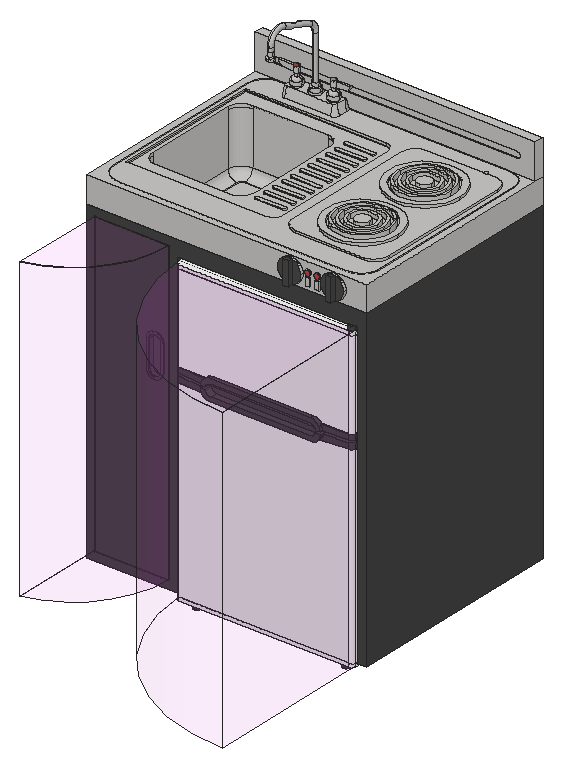
Revit family "QF_Summit_C30ELBK_Kitchenette", category Specialty Equipment, Revit 2020 (continued)
Automatic sketch dimensions
  Extrusion 3 sketch curve to plane 5 "FRONT" = 3/4"
  plane 21 to Extrusion 3 sketch curve = 0.70731"
  Extrusion 3 sketch curve to Extrusion 3 sketch curve = 1"  (x2)
  plane 3 "LEFT" to Extrusion 3 sketch curve = 2 3/4"  (x2)
  plane 3 "LEFT" to Extrusion 3 sketch curve = 1.20523"
  plane 3 "LEFT" to Extrusion 3 sketch curve = 3/4"
  Extrusion 3 sketch curve to Extrusion 3 sketch curve = 0.79111"
  Extrusion 3 sketch curve to plane 5 "FRONT" = 4.83389"
  plane 7 "Center Y" to Extrusion 4 sketch curve = 1.27658"  (x2)
  Extrusion 4 sketch curve to Extrusion 4 sketch curve = 0"  (x19)
  plane 8 "Center X" to Extrusion 4 sketch curve = 0.12506"
  Extrusion 4 sketch curve to plane 7 "Center Y" = 1.58086"
  Extrusion 4 sketch curve to Extrusion 4 sketch curve = 0.21452"  (x11)
  Extrusion 4 sketch curve to Extrusion 4 sketch curve = 0.69597"  (x2)
  Extrusion 4 sketch curve to Extrusion 4 sketch curve = 0.75847"  (x5)
  Extrusion 4 sketch curve to Extrusion 4 sketch curve = 0.82097"  (x2)
  Extrusion 4 sketch curve to plane 8 "Center X" = 0.69591"
  Extrusion 5 sketch curve to plane 13 = 0.4858"
  Extrusion 5 sketch curve to plane 22 = 1.06539"  (x2)
  Extrusion 5 sketch curve to plane 21 = 1.96893"  (x2)
  Extrusion 5 sketch curve to plane 21 = 0.46893"
  Extrusion 5 sketch curve to plane 16 = 1.8393"
  Extrusion 5 sketch curve to plane 5 "FRONT" = 4.71785"
  Extrusion 6 sketch curve to Extrusion 6 sketch curve = 0"  (x4)
  Extrusion 6 sketch curve to Extrusion 5 = 5.10818"  (x2)
  Extrusion 6 sketch curve to Extrusion 5 = 4.8261"
  Extrusion 6 sketch curve to Extrusion 5 = 4.44755"
  plane 1 "BACK" to Extrusion 7 sketch curve = 0"
  Extrusion 7 sketch curve to plane 4 "RIGHT" = 0"
  Extrusion 7 sketch curve to plane 3 "LEFT" = 0"
  Extrusion 7 sketch curve to plane 16 = 0"
  plane 3 "LEFT" to Sweep 8 sketch curve = 1.73357"
  Sweep 8 sketch curve to Sweep 8 sketch curve = 1 1/2"  (x3)
  plane 12 to Sweep 8 sketch curve = 1.48357"  (x2)
  Sweep 8 sketch curve to plane 5 "FRONT" = 5 1/4"
  plane 8 "Center X" to Sweep 8 sketch curve = 4 15/16"
  Sweep 8 sketch curve to Sweep 8 sketch curve = 0"  (x2)
  Sweep 8 sketch curve to profile plane = 0"
  profile plane to Sweep 8 sketch curve = 1"
  Sweep 8 sketch curve to profile plane = 1/16"
  level to Sweep 8 sketch curve = 30 1/2"
  Sweep 8 sketch curve to Sweep 8 sketch curve = 5 11/16"
  Extrusion 9 sketch curve to Extrusion 7 = 1.90943"
  Extrusion 7 to Extrusion 9 sketch curve = 1.90943"
  Extrusion 7 to Extrusion 9 sketch curve = 1.54423"
  Extrusion 9 sketch curve to Extrusion 9 sketch curve = 3/8"
  Extrusion 10 sketch curve to plane 4 "RIGHT" = 0"
  plane 5 "FRONT" to Extrusion 10 sketch curve = 0"  (x2)
  Extrusion 10 sketch curve to plane 13 = 0"
  Extrusion 10 sketch curve to plane 3 "LEFT" = 0"
  plane 1 "BACK" to Extrusion 10 sketch curve = 0"
  Extrusion 10 sketch curve to Extrusion 10 sketch curve = 7/8"
  plane 16 to Extrusion 10 sketch curve = 1/8"
  Extrusion 11 sketch curve to Extrusion 10 = 0"  (x3)
  Extrusion 10 to Extrusion 11 sketch curve = 8"
  Extrusion 11 sketch curve to Extrusion 11 sketch curve = 7/8"
  Extrusion 10 to Extrusion 11 sketch curve = 1 3/4"
  Extrusion 11 sketch curve to Extrusion 11 sketch curve = 19 3/8"
  Extrusion 10 to Extrusion 11 sketch curve = 7/8"
  Extrusion 12 sketch curve to Extrusion 10 = 0"  (x2)
  Extrusion 10 to Extrusion 12 sketch curve = 7/8"
  Extrusion 10 to Extrusion 12 sketch curve = 8 7/8"
  Extrusion 10 to Extrusion 13 sketch curve = 15/16"  (x2)
  Extrusion 10 to Extrusion 13 sketch curve = 7 15/16"
  Extrusion 10 to Extrusion 13 sketch curve = 1/16"
  Extrusion 10 to Extrusion 14 sketch curve = 7.17639"
  Extrusion 14 sketch curve to Extrusion 14 sketch curve = 0.66086"
  Extrusion 10 to Extrusion 14 sketch curve = 10.6214"
  Extrusion 14 sketch curve to Extrusion 14 sketch curve = 2.74721"
  Extrusion 15 sketch curve to Extrusion 15 sketch curve = 0"  (x4)
  Extrusion 10 to Extrusion 15 sketch curve = 7.42639"
  Extrusion 15 sketch curve to Extrusion 15 sketch curve = 1/4"
  Extrusion 15 sketch curve to Extrusion 15 sketch curve = 0.66086"
  Extrusion 10 to Extrusion 15 sketch curve = 10.6214"
  Extrusion 15 sketch curve to Extrusion 15 sketch curve = 2.74721"
  Extrusion 5 to Extrusion 16 sketch curve = 0.1004"
  Extrusion 16 sketch curve to Extrusion 5 = 1.06539"
  Extrusion 17 sketch curve to Extrusion 7 = 12.08747"
  Extrusion 17 sketch curve to Extrusion 7 = 33.21044"
  Revolve 18 sketch curve to level = 0"  (x2)
  Revolve 18 sketch curve to plane 11 = 0"
  plane 3 "LEFT" to Revolve 18 sketch curve = 0.60245"
  Revolve 18 sketch curve to Revolve 18 sketch curve = 0.18277"
  Revolve 18 sketch curve to Revolve 18 sketch curve = 0.43124"
  Revolve 18 sketch curve to plane 11 = 0.33258"
  Revolve 18 sketch curve to Revolve 18 sketch curve = 0.41967"
  Revolve 18 sketch curve to Revolve 18 sketch curve = 1/4"
  Revolve 18 sketch curve to Revolve 18 sketch curve = 0"
  Revolve 18 sketch curve to Revolve 18 sketch curve = 0.28903"
  Extrusion 19 sketch curve to Extrusion 13 = 0"
  Extrusion 13 to Extrusion 19 sketch curve = 0.0988"
  Extrusion 13 to Extrusion 19 sketch curve = 1/16"
  Extrusion 13 to Extrusion 19 sketch curve = 10"
  Extrusion 19 sketch curve to Extrusion 13 = 1/16"
  Extrusion 20 sketch curve to Extrusion 3 = 0"  (x2)
  Extrusion 20 sketch curve to Extrusion 3 = 0.6108"
  Extrusion 20 sketch curve to Extrusion 3 = 2"
  Extrusion 20 sketch curve to Extrusion 20 sketch curve = 1 1/2"
  Extrusion 20 sketch curve to Extrusion 20 sketch curve = 0.1108"
  Extrusion 20 sketch curve to Extrusion 3 = 0.61604"
  Extrusion 20 sketch curve to Extrusion 3 = 2.67624"  (x2)
  Extrusion 3 to Extrusion 20 sketch curve = 0.54819"
  Extrusion 3 to Extrusion 20 sketch curve = 0.88396"
  Extrusion 3 to Extrusion 20 sketch curve = 1"
  Extrusion 20 sketch curve to Extrusion 3 = 1.08389"
  Extrusion 1 to Extrusion 22 sketch curve = 1 3/8"  (x2)
  Extrusion 22 sketch curve to Extrusion 1 = 3.45677"
  Extrusion 22 sketch curve to Extrusion 22 sketch curve = 4 9/16"
  Extrusion 23 sketch curve to Extrusion 23 sketch curve = 9/32"  (x2)
  Extrusion 23 sketch curve to Extrusion 23 sketch curve = 9/16"  (x2)
  Extrusion 1 to Extrusion 24 sketch curve = 0.40522"  (x2)
  Extrusion 24 sketch curve to Extrusion 1 = 5.03188"
  Extrusion 24 sketch curve to Extrusion 24 sketch curve = 0.41266"  (x2)
  Extrusion 24 sketch curve to Extrusion 24 sketch curve = 0.58697"
  Extrusion 24 sketch curve to Extrusion 24 sketch curve = 0.81887"
  Extrusion 24 sketch curve to Extrusion 24 sketch curve = 0"
  Extrusion 1 to Extrusion 25 sketch curve = 1.04154"
  Extrusion 25 sketch curve to Extrusion 1 = 5.23821"
  Extrusion 25 sketch curve to Extrusion 25 sketch curve = 0.99963"
  Extrusion 25 sketch curve to Extrusion 25 sketch curve = 0"
  plane 3 "LEFT" to Extrusion 26 sketch curve = 3.23357"  (x2)
  Extrusion 26 sketch curve to plane 16 = 5 3/8"
  Extrusion 26 sketch curve to Extrusion 26 sketch curve = 1/2"  (x2)
  Extrusion 26 sketch curve to plane 8 "Center X" = 1/16"
  plane 12 to Extrusion 26 sketch curve = 1.98357"
  Extrusion 26 sketch curve to plane 8 "Center X" = 5 1/16"  (x2)
  Extrusion 26 sketch curve to plane 12 = 2.51643"
  Revolve 27 sketch curve to level = 0"  (x2)
  Revolve 27 sketch curve to plane 11 = 0"
  plane 3 "LEFT" to Revolve 27 sketch curve = 0.60245"
  Revolve 27 sketch curve to Revolve 27 sketch curve = 0.18277"
  Revolve 27 sketch curve to Revolve 27 sketch curve = 0.43124"
  Revolve 27 sketch curve to plane 11 = 0.33258"
  Revolve 27 sketch curve to Revolve 27 sketch curve = 0.41967"
  Revolve 27 sketch curve to plane 11 = 1/4"
  Revolve 27 sketch curve to Revolve 27 sketch curve = 0"
  Revolve 27 sketch curve to Revolve 27 sketch curve = 0.28903"
  Revolve 28 sketch curve to level = 0"  (x2)
  Revolve 28 sketch curve to plane 11 = 0"
  Revolve 28 sketch curve to plane 12 = 0.60245"
  Revolve 28 sketch curve to Revolve 28 sketch curve = 0.18277"
  Revolve 28 sketch curve to Revolve 28 sketch curve = 0.43124"
  Revolve 28 sketch curve to plane 11 = 0.33258"
  Revolve 28 sketch curve to Revolve 28 sketch curve = 0.41967"
  Revolve 28 sketch curve to Revolve 28 sketch curve = 0.08258"
  Revolve 28 sketch curve to Revolve 28 sketch curve = 0"
  Revolve 28 sketch curve to level = 0.28903"
  Revolve 29 sketch curve to level = 0"  (x2)
  Revolve 29 sketch curve to plane 11 = 0"
  Revolve 29 sketch curve to plane 12 = 0.60245"
  Revolve 29 sketch curve to Revolve 29 sketch curve = 0.18277"
  Revolve 29 sketch curve to Revolve 29 sketch curve = 0.43124"
  Revolve 29 sketch curve to plane 11 = 0.33258"
  Revolve 29 sketch curve to Revolve 29 sketch curve = 0.41967"
  Revolve 29 sketch curve to Revolve 29 sketch curve = 0.08258"
  Revolve 29 sketch curve to Revolve 29 sketch curve = 0"
  Revolve 29 sketch curve to level = 0.28903"
  Revolve 30 sketch curve to level = 0"  (x2)
  Revolve 30 sketch curve to plane 11 = 0"
  plane 13 to Revolve 30 sketch curve = 0.27255"
  plane 13 to Revolve 30 sketch curve = 0.08978"
  Revolve 30 sketch curve to plane 13 = 0.15869"
  Revolve 30 sketch curve to plane 13 = 0.32989"
  Revolve 30 sketch curve to plane 11 = 1/4"
  Revolve 30 sketch curve to Revolve 30 sketch curve = 0.08258"
  Revolve 30 sketch curve to Revolve 30 sketch curve = 0"
  Revolve 30 sketch curve to level = 0.28903"
  Revolve 31 sketch curve to level = 0"  (x2)
  Revolve 31 sketch curve to plane 11 = 0"
  plane 13 to Revolve 31 sketch curve = 0.27255"  (x2)
  plane 13 to Revolve 31 sketch curve = 0.08978"
  Revolve 31 sketch curve to plane 13 = 0.15869"
  Revolve 31 sketch curve to plane 13 = 0.32989"
  Revolve 31 sketch curve to plane 11 = 1/4"
  Revolve 31 sketch curve to Revolve 31 sketch curve = 0.08258"
  Revolve 31 sketch curve to level = 0.28903"
  radius of Extrusion 6 sketch curve = 3 3/4"  (x2)
  radius of Extrusion 6 sketch curve = 3.14413"  (x2)
  radius of Extrusion 16 sketch curve = 1/8"
  radius of Extrusion 17 sketch curve = 1/8"
  radius of Extrusion 20 sketch curve to Extrusion 3 = 0"  (x3)
  radius of Extrusion 21 sketch curve to Extrusion 6 = 0.3026"  (x2)
  radius of Extrusion 21 sketch curve to Extrusion 6 = 0.49687"  (x2)
  radius of Extrusion 21 sketch curve to Extrusion 6 = 0.89413"  (x2)
  radius of Extrusion 21 sketch curve to Extrusion 6 = 1.14413"  (x2)
  radius of Extrusion 21 sketch curve to Extrusion 6 = 1.56032"  (x2)
  radius of Extrusion 21 sketch curve to Extrusion 6 = 1.79775"  (x2)
  radius of Extrusion 21 sketch curve to Extrusion 6 = 2.39413"  (x2)
  radius of Extrusion 22 sketch curve = 1 1/4"  (x2)
  radius of Extrusion 23 sketch curve to Extrusion 22 = 0"  (x4)
  radius of Extrusion 25 sketch curve = 0.30305"  (x2)
  radius of Extrusion 26 sketch curve = 1"
Nested families (in)
  nested 1: "CG_FISHER_TYPE 4" at (4.23357, -1, 37.75), type "CG_FISHER_TYPE 4"
    with Type Mark "", Specification by User "", Revision Code "", Item Number "", Installed By "", Identify Quantity as Lot yes, Furnished By "", Foodservice Equipment Identifier yes
  nested 2: "Summit_CP34BSS" at (9.97314, -4.125, 0), Left Hinged Door <- "Show LHD", type "Summit_CP34BSS"
    with Right Hinged Door yes, Left Hinged Door no
Connectors (in)
  electrical at (26.07381, -2.5893, 37.82598)
    settings: on Extrusion 16, index 1, voltage 0 V, apparent load 0 VA, apparent load phase1 0 VA, apparent load phase2 0 VA, apparent load phase3 0 VA, power factor 1, load classification "Other", number of poles 1, system type 30, power factor state 1, is connector primary yes, connector utility no, sub classification motor no, connector description "Electrical Connection"
  electrical at (17.91253, 0.25, 4.53956), driven by "Volts", driven by "Watts"
    settings: on Extrusion 17, index 2, voltage 115 V, apparent load 1506.5 VA, apparent load phase1 0 VA, apparent load phase2 0 VA, apparent load phase3 0 VA, power factor 1, load classification "Other", number of poles 1, system type 30, power factor state 1, is connector primary no, connector utility no, sub classification motor no, connector description "Electrical Connection"
Definition of nested family "CG_FISHER_TYPE 4"
  Parameters (values of type "CG_FISHER_TYPE 4")
    Weight = ""
    URL Manufacturer = ""
    URL Cutsheet = ""
    URL = ""
    Type Mark [instance] = ""
    Specification by User [instance] = ""
    Specification by Manufacturer = ""
    Serial Number = ""
    Seismic Rating = ""
    SMACNA No = ""
    Revision Code [instance] = ""
    Omniclass Number and Title = ""
    NAFEM Spec ID Number = ""
    Model = ""
    MasterSpec. = ""
    Manufacturer = ""
    Item Number [instance] = ""
    Installed By [instance] = ""
    Identify Quantity as Lot [instance] = yes
    Furnished By [instance] = ""
    Foodservice Equipment Identifier [instance] = yes
    Default Elevation = 0"
    CSI MasterFormat = ""
    CSI Master Format = ""
  Reference planes (in)
    plane 1 "BACK": y = 0
    plane 2: z = 0
    plane 3 "LEFT": x = 0
    plane 4 "RIGHT": x = 6
    plane 5 "FRONT": y = -2
    plane 6 "TOP": z = 9.5
    plane 7: x = 3
    plane 8: x = 1
    plane 9: x = 5
    plane 10: z = 6.75
    plane 11: y = -1
    plane 12: y = -7
  Forms (in)
    Blend 1, solid
      base sketch origin (0, 0, 0) x (1, 0, 0) y (0, 1, 0)
        loop
          arc (0.5, 0) -> (0.14645, -0.14645) -> (0, -0.5) r 0.5
          line (0, -0.5) -> (0, -1.5)
          arc (0, -1.5) -> (0.14645, -1.85355) -> (0.5, -2) r 0.5
          line (0.5, -2) -> (5.5, -2)
          arc (5.5, -2) -> (5.85355, -1.85355) -> (6, -1.5) r 0.5
          line (6, -1.5) -> (6, -0.5)
          arc (6, -0.5) -> (5.85355, -0.14645) -> (5.5, 0) r 0.5
          line (5.5, 0) -> (0.5, 0)
      top sketch origin (0, 0, 0) x (1, 0, 0) y (0, 1, 0)
        loop
          line (5.5, -0.25) -> (0.5, -0.25)
          arc (0.5, -0.25) -> (0.32322, -0.32322) -> (0.25, -0.5) r 0.25
          line (0.25, -0.5) -> (0.25, -1.5)
          arc (0.25, -1.5) -> (0.32322, -1.67678) -> (0.5, -1.75) r 0.25
          line (0.5, -1.75) -> (5.5, -1.75)
          arc (5.5, -1.75) -> (5.67678, -1.67678) -> (5.75, -1.5) r 0.25
          line (5.75, -1.5) -> (5.75, -0.5)
          arc (5.75, -0.5) -> (5.67678, -0.32322) -> (5.5, -0.25) r 0.25
      from 0 to 1
    Extrusion 2, solid
      sketch origin (0, -0.09496, -3.5) x (1, 0, 0) y (0, 0, 1)
        loop
          line (4.82421, 6.36488) -> (4.82421, 5.7908) -> (5.75768, 5.80403) -> (6.42048, 5.89366)
          arc (6.42048, 5.89366) -> (6.70947, 6.05462) -> (6.82421, 6.36488) r 0.47687
          line (6.82421, 6.36488) -> (4.82421, 6.36488)
      from 0.77919 to 1.02919
    Revolve 3, solid
      sketch origin (-4.03517, -1, 0) x (1, 0, 0) y (0, 0, 1)
        loop
          line (5.03934, 1) -> (5.03934, 3.02505)
          arc (5.03934, 3.02505) -> (4.87585, 2.98746) -> (4.76133, 2.86488) r 0.2869
          line (4.76133, 2.86488) -> (4.76133, 2.2908) -> (4.87917, 2.2908) -> (4.87917, 1.83261)
          arc (4.87917, 1.83261) -> (4.65407, 1.74222) -> (4.60414, 1.50485) r 0.25731
          line (4.60414, 1.50485) -> (4.45379, 1.50485) -> (4.45379, 1.1768) -> (4.53934, 1.1768) -> (4.53934, 1) -> (5.03934, 1)
        axis (5.03934, 1) -> (5.03934, 3.02505)
      angle from 0 to 360
    Revolve 4, solid
      sketch origin (10.03517, -0.99916, 0) x (-1, 0, 0) y (0, 0, -1)
        loop
          line (5.03934, -1) -> (4.53934, -1) -> (4.53934, -1.1768) -> (4.45379, -1.1768) -> (4.45379, -1.50485) -> (4.60414, -1.50485)
          arc (4.60414, -1.50485) -> (4.65407, -1.74222) -> (4.87917, -1.83261) r 0.25731
          line (4.87917, -1.83261) -> (4.87917, -2.2908) -> (4.76133, -2.2908) -> (4.76133, -2.86488)
          arc (4.76133, -2.86488) -> (4.87585, -2.98746) -> (5.03934, -3.02505) r 0.2869
          line (5.03934, -3.02505) -> (5.03934, -1)
        axis (5.03934, -1) -> (5.03934, -3.02505)
      angle from 0 to 360
    Extrusion 5, solid
      sketch origin (6, -0.09496, -3.5) x (-1, 0, 0) y (0, 0, -1)
        loop
          line (4.82421, -6.36488) -> (6.82421, -6.36488)
          arc (6.82421, -6.36488) -> (6.70947, -6.05462) -> (6.42048, -5.89366) r 0.47687
          line (6.42048, -5.89366) -> (5.75768, -5.80403) -> (4.82421, -5.7908) -> (4.82421, -6.36488)
      from 0.77919 to 1.02919
    Revolve 6, solid
      sketch origin (0, -7, 0) x (1, 0, 0) y (0, 0, 1)
        loop
          line (3, 7.59291) -> (2.75, 7.59291) -> (2.75, 7.16874) -> (2.625, 6.95223) -> (2.625, 6.75) -> (3, 6.75) -> (3, 7.59291)
        axis (3, 6.75) -> (3, 7.59291)
      angle from 0 to 360
    Sweep 7, solid
      path origin (3, 0, 0) x (0, 1, 0) y (0, 0, 1)
        loop
          line (-7, 7.59291) -> (-7, 8.04139)
          arc (-7, 8.04139) -> (-6.46697, 9.06533) -> (-5.32247, 9.21601) r 1.25
          line (-5.32247, 9.21601) -> (-1.75198, 7.91645)
          arc (-1.75198, 7.91645) -> (-1.20668, 7.49803) -> (-1, 6.84252) r 1.14286
          line (-1, 6.84252) -> (-1, 2)
      profile origin (3, -7, 7.81715) x (0, -1, 0) y (1, 0, 0)
        loop
          circle (0, 0) r 0.25
    Revolve 8, solid
      sketch origin (8.03517, -0.9375, -3.5) x (-1, 0, 0) y (0, 0, -1)
        loop
          line (5.03934, -4.5) -> (4.40363, -4.5) -> (4.40363, -4.67045) -> (4.50358, -4.67045) -> (4.50358, -5.02398) -> (4.68786, -5.13038) -> (4.68786, -5.5) -> (5.03934, -5.5) -> (5.03934, -4.5)
        axis (5.03934, -4.5) -> (5.03934, -5.5)
      angle from 0 to 360
  Cuts and joins
    joined: Revolve 6, Sweep 7
  Lines and regions (in)
    symbolic lines
      curve 1: line (2.67337, -7.08919, 0) -> (2.67337, -1, 0)
      curve 2: line (3.29837, -7.08919, 0) -> (3.29837, -1, 0)
      curve 3: arc (3.29837, -1, 0) -> (2.98587, -0.6875, 0) -> (2.67337, -1, 0) r 0.3125
      curve 4: arc (3.29837, -1.40113, 0) -> (2.98587, -0.49151, 0) -> (2.67337, -1.40113, 0) r 0.50849
      curve 5: arc (3.29837, -1.5749, 0) -> (3.01791, -0.35019, 0) -> (2.67337, -1.55844, 0) r 0.6486
      curve 6: line (4.38304, -0.63916, 0) -> (5.00804, -0.27831, 0)
      curve 7: line (5.00804, -0.27831, 0) -> (5.63304, -0.63916, 0)
      curve 8: line (5.63304, -0.63916, 0) -> (5.63304, -1.26764, 0)
      curve 9: line (4.38304, -1.36084, 0) -> (4.38304, -0.63916, 0)
      curve 10: line (5.00804, -1.72169, 0) -> (4.38304, -1.36084, 0)
      curve 11: line (5.23435, -1.59103, 0) -> (5.00804, -1.72169, 0)
      curve 12: arc (5.53526, -1.17341, 0) -> (4.61465, -0.60851, 0) -> (5.18402, -1.52636, 0) r 0.555
      curve 13: arc (5.28147, -0.74178, 0) -> (4.74077, -0.73099, 0) -> (4.75156, -1.27169, 0) r 0.375
      curve 14: arc (4.75156, -1.27169, 0) -> (4.84744, -1.34648, 0) -> (4.96221, -1.38665, 0) r 0.375
      curve 15: arc (5.23435, -1.59103, 0) -> (5.11621, -1.46497, 0) -> (4.96221, -1.38665, 0) r 0.5
      curve 16: line (5.22231, -1.58455, 0) -> (6.43111, -2.61867, 0)
      curve 17: arc (6.43111, -2.61867, 0) -> (6.60796, -2.59971, 0) -> (6.62691, -2.42286, 0) r 0.14168
      curve 18: line (5.58934, -1.21683, 0) -> (6.62691, -2.42286, 0)
      curve 19: arc (5.39644, -0.95243, 0) -> (5.47064, -1.10086, 0) -> (5.58934, -1.21683, 0) r 0.5
      curve 20: arc (5.39644, -0.95243, 0) -> (5.35626, -0.83766, 0) -> (5.28147, -0.74178, 0) r 0.375
      curve 21: line (1.62658, -0.63916, 0) -> (1.00158, -0.27831, 0)
      curve 22: line (1.62658, -1.36084, 0) -> (1.62658, -0.63916, 0)
      curve 23: line (1.00158, -1.72169, 0) -> (1.62658, -1.36084, 0)
      curve 24: line (0.77192, -1.58909, 0) -> (1.00158, -1.72169, 0)
      curve 25: line (0.77192, -1.58909, 0) -> (-0.42292, -2.61705, 0)
      curve 26: arc (-0.61721, -2.42277, 0) -> (-0.59834, -2.59818, 0) -> (-0.42292, -2.61705, 0) r 0.1406
      curve 27: line (0.42029, -1.21683, 0) -> (-0.61721, -2.42277, 0)
      curve 28: arc (0.42029, -1.21683, 0) -> (0.53899, -1.10086, 0) -> (0.61319, -0.95243, 0) r 0.5
      curve 29: arc (1.04741, -1.38665, 0) -> (0.89898, -1.46086, 0) -> (0.78301, -1.57955, 0) r 0.5
      curve 30: arc (1.04741, -1.38665, 0) -> (1.16218, -1.34648, 0) -> (1.25806, -1.27169, 0) r 0.375
      curve 31: arc (1.25806, -1.27169, 0) -> (1.26885, -0.73099, 0) -> (0.72816, -0.74178, 0) r 0.375
      curve 32: arc (0.72816, -0.74178, 0) -> (0.65337, -0.83766, 0) -> (0.61319, -0.95243, 0) r 0.375
      curve 33: circle (1.00158, -1, 0) r 0.225 normal (0, 0, 1)
      curve 34: line (1.00158, -0.27831, 0) -> (0.37658, -0.63916, 0)
      curve 35: line (0.37658, -0.63916, 0) -> (0.37658, -1.26764, 0)
      curve 36: arc (0.82561, -1.52636, 0) -> (1.39498, -0.60851, 0) -> (0.47437, -1.17341, 0) r 0.555
      curve 37: arc (2.67337, -6.68325, 0) -> (2.98587, -7.60148, 0) -> (3.29837, -6.68325, 0) r 0.51229
      curve 38: arc (2.67337, -7.08919, 0) -> (2.98587, -7.40169, 0) -> (3.29837, -7.08919, 0) r 0.3125
      curve 39: line (3.29837, -2, 0) -> (5.51871, -2, 0)
      curve 40: line (6, -1.5, 0) -> (6, -0.5, 0)
      curve 41: line (5.5, 0, 0) -> (0.5, 0, 0)
      curve 42: line (0, -0.5, 0) -> (0, -1.5, 0)
      curve 43: line (0.5, -2, 0) -> (2.67337, -2, 0)
      curve 44: line (0.58489, -1.75, 0) -> (2.67337, -1.75, 0)
      curve 45: line (3.29837, -1.75, 0) -> (5.41571, -1.75, 0)
      curve 46: line (0.5, -0.25, 0) -> (5.5, -0.25, 0)
      curve 47: arc (5.75, -0.5, 0) -> (5.67678, -0.32322, 0) -> (5.5, -0.25, 0) r 0.25
      curve 48: arc (0.5, -0.25, 0) -> (0.32322, -0.32322, 0) -> (0.25, -0.5, 0) r 0.25
      curve 49: line (0.25, -1.41477, 0) -> (0.25, -0.5, 0)
      curve 50: line (5.75, -0.5, 0) -> (5.75, -1.40358, 0)
      curve 51: line (0.05911, -1.63665, 0) -> (0, -1.5, 0)
      curve 52: line (0.5, -2, 0) -> (0.35546, -1.94739, 0)
      curve 53: line (5.64118, -1.94289, 0) -> (5.51871, -2, 0)
      curve 54: line (5.94504, -1.63028, 0) -> (6, -1.5, 0)
      curve 55: arc (5.5, 0, 0) -> (5.85355, -0.14645, 0) -> (6, -0.5, 0) r 0.5
      curve 56: arc (0, -0.5, 0) -> (0.14645, -0.14645, 0) -> (0.5, 0, 0) r 0.5
      curve 57: circle (4.99842, -1, 0) r 0.225 normal (0, 0, -1)
  Dimensions and locks (in)
    equal spacing: plane 4 "RIGHT", plane 7, plane 3 "LEFT"
    plane 6 "TOP" to plane 2 = 9 1/2"
    aligned and locked: level to plane 2
  Automatic sketch dimensions
    Blend 1 sketch curve to plane 3 "LEFT" = 0"
    plane 5 "FRONT" to Blend 1 sketch curve = 0"
    plane 1 "BACK" to Blend 1 sketch curve = 0"
    Blend 1 sketch curve to plane 4 "RIGHT" = 0"
    plane 3 "LEFT" to Blend 1 sketch curve = 1/2"  (x2)
    Blend 1 sketch curve to plane 4 "RIGHT" = 1/2"  (x3)
    plane 1 "BACK" to Blend 1 sketch curve = 1/2"  (x2)
    plane 3 "LEFT" to Blend 1 sketch curve = 1/4"
    Blend 1 sketch curve to Blend 1 sketch curve = 1/4"  (x3)
    Blend 1 sketch curve to plane 5 "FRONT" = 1/4"
    plane 9 to Extrusion 2 sketch curve = 45/256"
    Extrusion 2 sketch curve to plane 4 "RIGHT" = 0.24232"
    plane 4 "RIGHT" to Extrusion 2 sketch curve = 0.34735"
    plane 4 "RIGHT" to Extrusion 2 sketch curve = 0.42048"
    Extrusion 2 sketch curve to plane 10 = 3.88512"
    Extrusion 2 sketch curve to Extrusion 2 sketch curve = 0.47687"
    Extrusion 2 sketch curve to Extrusion 2 sketch curve = 0.08963"
    Extrusion 2 sketch curve to Extrusion 2 sketch curve = 0.57408"
    plane 8 to Extrusion 5 sketch curve = 45/256"
    plane 3 "LEFT" to Extrusion 5 sketch curve = 0.24232"
    Extrusion 5 sketch curve to plane 3 "LEFT" = 0.34735"
    Extrusion 5 sketch curve to plane 3 "LEFT" = 0.42048"
    Extrusion 5 sketch curve to plane 10 = 3.88512"
    Extrusion 5 sketch curve to Extrusion 5 sketch curve = 0.47687"
    Extrusion 5 sketch curve to Extrusion 5 sketch curve = 0.08963"
    Extrusion 5 sketch curve to Extrusion 5 sketch curve = 0.57408"
    Revolve 6 sketch curve to plane 10 = 0"
    plane 7 to Revolve 6 sketch curve = 0"  (x2)
    Revolve 6 sketch curve to Revolve 6 sketch curve = 1/4"
    Revolve 6 sketch curve to Revolve 6 sketch curve = 1/8"
    plane 10 to Revolve 6 sketch curve = 0.20223"
    Revolve 6 sketch curve to Revolve 6 sketch curve = 0.21651"
    Revolve 6 sketch curve to Revolve 6 sketch curve = 0.42418"
    Revolve 6 sketch curve to Revolve 6 sketch curve = 0.09934"
    Revolve 6 sketch curve to Revolve 6 sketch curve = 0.33586"
    plane 7 to Revolve 8 sketch curve = 0.63154"
    Revolve 8 sketch curve to Revolve 8 sketch curve = 0.09994"
    Revolve 8 sketch curve to Revolve 8 sketch curve = 0.18428"
    Revolve 8 sketch curve to plane 7 = 0.00417"  (x2)
    Revolve 8 sketch curve to plane 10 = 3.2092"
    Revolve 8 sketch curve to plane 10 = 4 3/4"
    Revolve 8 sketch curve to Revolve 8 sketch curve = 0.5408"
    Revolve 8 sketch curve to Revolve 8 sketch curve = 0.36962"
    Revolve 8 sketch curve to Revolve 8 sketch curve = 0.1064"
    Revolve 8 sketch curve to Revolve 8 sketch curve = 0.35353"
    Revolve 8 sketch curve to Revolve 8 sketch curve = 0.17045"
    Revolve 3 sketch curve to plane 8 = 0.0161"
    Revolve 3 sketch curve to plane 8 = 0.156"
    Revolve 3 sketch curve to plane 8 = 0.18399"
    Revolve 3 sketch curve to Revolve 3 sketch curve = 0.11783"
    Revolve 3 sketch curve to Revolve 3 sketch curve = 0.24704"
    Revolve 3 sketch curve to plane 8 = 0.49583"
    Revolve 3 sketch curve to Revolve 3 sketch curve = 0.08555"
    plane 8 to Revolve 3 sketch curve = 0.00417"  (x2)
    level to Revolve 3 sketch curve = 1"
    Revolve 3 sketch curve to Revolve 3 sketch curve = 0.1768"
    Revolve 3 sketch curve to Revolve 3 sketch curve = 0.32805"
    Revolve 3 sketch curve to Revolve 3 sketch curve = 0.07197"
    Revolve 3 sketch curve to Revolve 3 sketch curve = 0.45819"
    Revolve 3 sketch curve to Revolve 3 sketch curve = 1/4"
    Revolve 3 sketch curve to Revolve 3 sketch curve = 0.19807"
    Revolve 3 sketch curve to Revolve 3 sketch curve = 0.12601"
    plane 10 to Revolve 3 sketch curve = 0.2908"
    Revolve 4 sketch curve to plane 9 = 0.0161"
    Revolve 4 sketch curve to plane 9 = 0.156"
    Revolve 4 sketch curve to plane 9 = 0.18399"
    Revolve 4 sketch curve to plane 9 = 0.27384"
    Revolve 4 sketch curve to Revolve 4 sketch curve = 0.24704"
    Revolve 4 sketch curve to plane 9 = 0.49583"
    Revolve 4 sketch curve to Revolve 4 sketch curve = 0.08555"
    plane 9 to Revolve 4 sketch curve = 0.00417"  (x2)
    level to Revolve 4 sketch curve = 1"
    Revolve 4 sketch curve to Revolve 4 sketch curve = 0.1768"
    Revolve 4 sketch curve to Revolve 4 sketch curve = 0.32805"
    Revolve 4 sketch curve to Revolve 4 sketch curve = 0.07197"
    Revolve 4 sketch curve to Revolve 4 sketch curve = 0.45819"
    Revolve 4 sketch curve to Revolve 4 sketch curve = 1/4"
    Revolve 4 sketch curve to Revolve 4 sketch curve = 0.19807"
    Revolve 4 sketch curve to Revolve 4 sketch curve = 0.12601"
    plane 10 to Revolve 4 sketch curve = 0.2908"
    curve 3 to curve 4 = 0"  (x2)
    curve 30 to curve 32 = 0"  (x2)
    curve 33 to curve 36 = 0"  (x2)
    curve 37 to curve 38 = 0"  (x2)
    curve 47 to curve 55 = 0"  (x2)
    curve 48 to curve 56 = 0"  (x2)
    curve 42 to plane 3 "LEFT" = 0"
    plane 5 "FRONT" to curve 43 = 0"
    plane 1 "BACK" to curve 56 = 0"
    curve 36 to plane 11 = 0"
    curve 3 to plane 11 = 0"
    plane 5 "FRONT" to curve 39 = 0"
    curve 57 to plane 11 = 0"
    curve 12 to plane 11 = 0"
    curve 54 to plane 4 "RIGHT" = 0"
    curve 26 to plane 3 "LEFT" = 0.42292"
    curve 26 to curve 25 = 0.07599"
    curve 27 to curve 26 = 0.11829"
    plane 3 "LEFT" to curve 51 = 0.05911"
    plane 3 "LEFT" to curve 28 = 0.13506"
    curve 56 to curve 49 = 1/4"
    curve 52 to plane 5 "FRONT" = 0.05261"
    plane 3 "LEFT" to curve 52 = 91/256"
    curve 49 to curve 35 = 0.12658"
    curve 35 to curve 28 = 0.04371"
    curve 28 to curve 36 = 0.05408"
    curve 52 to curve 43 = 37/256"
    curve 48 to curve 46 = 1/4"
    curve 43 to curve 44 = 0.08489"
    plane 11 to curve 28 = 0.04757"
    curve 36 to curve 28 = 0.13882"
    curve 28 to curve 32 = 0.11497"
    curve 24 to plane 8 = 0.22808"
    curve 24 to curve 29 = 0.01109"
    curve 29 to curve 36 = 0.0426"
    curve 32 to plane 8 = 0.01747"
    plane 8 to curve 36 = 0.00158"
    plane 8 to curve 21 = 0.00158"
    plane 8 to curve 23 = 0.00158"
    plane 8 to curve 31 = 0.00369"
    plane 8 to curve 30 = 0.04741"
    plane 8 to curve 29 = 0.19367"
    curve 29 to curve 31 = 0.21065"
    plane 8 to curve 22 = 0.62658"
    curve 1 to plane 12 = 0.08919"
    curve 1 to plane 7 = 0.32663"
    curve 37 to plane 7 = 0.01413"
    plane 7 to curve 5 = 0.00083"
    plane 9 to curve 6 = 0.61696"
    plane 9 to curve 13 = 0.24844"
    plane 9 to curve 15 = 0.18405"
    plane 9 to curve 15 = 0.03779"
    plane 9 to curve 57 = 0.00158"
    plane 11 to curve 13 = 0.00384"
    curve 13 to plane 9 = 0.00594"
    curve 11 to plane 9 = 0.00804"
    curve 7 to plane 9 = 0.00804"
    curve 13 to curve 12 = 0.00211"
    curve 12 to curve 20 = 0.01905"
    curve 20 to curve 14 = 0"
    curve 12 to plane 9 = 0.18402"
    curve 12 to curve 16 = 0.0383"
    curve 16 to curve 15 = 0.01204"
    curve 13 to plane 9 = 0.28147"
    plane 11 to curve 19 = 0.04757"
    curve 13 to curve 19 = 0.11497"
    curve 11 to curve 45 = 0.18136"
    curve 41 to plane 4 "RIGHT" = 1/2"
    curve 45 to curve 39 = 0.103"
    curve 12 to plane 11 = 0.17341"
    curve 20 to curve 12 = 0.13882"
    curve 12 to curve 19 = 0.05408"
    curve 18 to curve 8 = 0.04371"
    curve 53 to plane 5 "FRONT" = 0.05711"
    curve 39 to curve 53 = 0.12247"
    curve 19 to plane 4 "RIGHT" = 0.12544"
    curve 54 to plane 4 "RIGHT" = 0.05496"
    plane 4 "RIGHT" to curve 17 = 0.43111"
    curve 16 to curve 17 = 0.07667"
    curve 17 to curve 18 = 0.11914"
    plane 12 to curve 37 = 0.31675"
    plane 5 "FRONT" to curve 17 = 0.61867"
    plane 5 "FRONT" to curve 26 = 0.61705"
    curve 17 to curve 17 = 0.11914"
    curve 25 to curve 26 = 0.11829"
    curve 15 to plane 5 "FRONT" = 0.13522"
    curve 29 to plane 5 "FRONT" = 0.13522"
    curve 29 to curve 24 = 0.14309"
    curve 15 to curve 10 = 0.14309"
    curve 52 to curve 51 = 0.31074"
    curve 45 to curve 5 = 0.1751"
    curve 44 to curve 5 = 0.19156"
    curve 51 to curve 51 = 0.13665"
    curve 54 to curve 54 = 0.13028"
    curve 5 to curve 4 = 0.15731"
    curve 9 to plane 11 = 0.36084"
    curve 22 to plane 11 = 0.36084"
    curve 29 to curve 30 = 0.11497"
    curve 14 to curve 13 = 0.11497"
    plane 11 to curve 21 = 0.36084"
    plane 11 to curve 6 = 0.36084"
    curve 8 to curve 47 = 0.13916"
    curve 34 to curve 48 = 0.13916"
    plane 1 "BACK" to curve 34 = 0.27831"
    plane 1 "BACK" to curve 7 = 0.27831"
    Sweep 7 sketch curve to profile plane = 0"  (x2)
    Sweep 7 sketch curve to plane 12 = 0"
    Sweep 7 sketch curve to plane 11 = 0"
    plane 12 to Sweep 7 sketch curve = 1 1/4"
    Sweep 7 sketch curve to plane 6 "TOP" = 0.28399"
    Sweep 7 sketch curve to Sweep 7 sketch curve = 0.42753"
    plane 5 "FRONT" to Sweep 7 sketch curve = 0.14286"
    Sweep 7 sketch curve to plane 5 "FRONT" = 0.24802"
    plane 10 to Sweep 7 sketch curve = 1.16645"
    Sweep 7 sketch curve to Sweep 7 sketch curve = 0.44847"
    level to Sweep 7 sketch curve = 2"
    radius of curve 33 = 0.225"
    radius of curve 57 = 0.225"
    radius of Sweep 7 sketch curve = 1/4"
Definition of nested family "Summit_CP34BSS"
  Parameters (values of type "Summit_CP34BSS")
    Right Hinged Door [instance] = not(Left Hinged Door)  # yes
    Model = "CP34BSS"
    Manufacturer = "Summit"
    Length = 19"
    Left Hinged Door [instance] = no
    Height = 33"
    Description = "Refrigerator-Freezer"
    Depth = 19 3/4"
    Default Elevation = 0"
  Reference planes (in)
    plane 1: z = 0
    plane 2 "LEFT": x = 0
    plane 3 "RIGHT": x = 19
    plane 4 "FRONT": y = -20.5
    plane 5 "TOP": z = 33
    plane 6 "Center Y": x = 9.5
    plane 7 "Center X": y = -10.625
    plane 8 "BACK": y = -0.75
    plane 9 "Base Heigth": z = 0.75
    plane 10: y = -37.5
    plane 11: z = 33.375
    plane 12: y = -19.5
  Forms (in)
    Extrusion 1, solid
      sketch origin (0, 0, 0) x (1, 0, 0) y (0, 1, 0)
        loop
          line (0.125, -0.75) -> (0.125, -17.875) -> (18.875, -17.875) -> (18.875, -0.75) -> (0.125, -0.75)
      from 0.75 to 32.625
    Extrusion 2, solid
      sketch origin (0, 0, 32.625) x (1, 0, 0) y (0, 1, 0)
        loop
          line (0, -0.75) -> (0, -17.875) -> (19, -17.875) -> (19, -0.75) -> (0, -0.75)
      from 0 to 0.375
    Extrusion 3, solid
      sketch origin (0, 0, 0.75) x (-1, 0, 0) y (0, -1, 0)
        loop
          line (0, 17.875) -> (0, 19.59135)
          arc (0, 19.59135) -> (-0.11361, 19.88696) -> (-0.39596, 20.03038) r 0.44137
          arc (-0.39596, 20.03038) -> (-9.49998, 20.5) -> (-18.60401, 20.03038) r 88.48045
          arc (-18.60401, 20.03038) -> (-18.88638, 19.88695) -> (-19, 19.59132) r 0.44141
          line (-19, 19.59132) -> (-19, 17.875) -> (0, 17.875)
      from 0 to 0.375
    Extrusion 4, solid
      sketch origin (0, 0, 21.7375) x (-1, 0, 0) y (0, -1, 0)
        loop
          line (0, 17.875) -> (0, 19.59135)
          arc (0, 19.59135) -> (-0.11361, 19.88696) -> (-0.39596, 20.03038) r 0.44137
          arc (-0.39596, 20.03038) -> (-9.49998, 20.5) -> (-18.60401, 20.03038) r 88.48045
          arc (-18.60401, 20.03038) -> (-18.88638, 19.88695) -> (-19, 19.59132) r 0.44141
          line (-19, 19.59132) -> (-19, 17.875) -> (0, 17.875)
      from -0.05 to 0.575
    Extrusion 5, solid
      sketch origin (0, 0, 22.6125) x (-1, 0, 0) y (0, -1, 0)
        loop
          line (0, 17.875) -> (0, 19.59135)
          arc (0, 19.59135) -> (-0.11361, 19.88696) -> (-0.39596, 20.03038) r 0.44137
          arc (-0.39596, 20.03038) -> (-9.49998, 20.5) -> (-18.60401, 20.03038) r 88.48045
          arc (-18.60401, 20.03038) -> (-18.88638, 19.88695) -> (-19, 19.59132) r 0.44141
          line (-19, 19.59132) -> (-19, 17.875) -> (0, 17.875)
      from -0.05 to 0.575
    Extrusion 6, void
      sketch origin (0, -20.5, 0) x (1, 0, 0) y (0, 0, 1)
        loop
          line (14.825, 23.5605) -> (4.175, 23.5605)
          arc (4.175, 23.5605) -> (3.051, 22.4365) -> (4.175, 21.3125) r 1.124
          line (4.175, 21.3125) -> (14.825, 21.3125)
          arc (14.825, 21.3125) -> (15.949, 22.4365) -> (14.825, 23.5605) r 1.124
      from -0.75749 to 0.47387
    Extrusion 7, solid
      sketch origin (0, 0, 23.1875) x (-1, 0, 0) y (0, -1, 0)
        loop
          line (-19, 17.875) -> (0, 17.875) -> (0, 19.59135)
          arc (0, 19.59135) -> (-0.11361, 19.88696) -> (-0.39596, 20.03038) r 0.44137
          arc (-0.39596, 20.03038) -> (-9.49998, 20.5) -> (-18.60401, 20.03038) r 88.48045
          arc (-18.60401, 20.03038) -> (-18.88638, 19.88695) -> (-19, 19.59132) r 0.44141
          line (-19, 19.59132) -> (-19, 17.875)
      from 0 to 9.4375
    Extrusion 8, solid
      sketch origin (0, 0, 1.125) x (-1, 0, 0) y (0, -1, 0)
        loop
          line (-19, 17.875) -> (0, 17.875) -> (0, 19.59135)
          arc (0, 19.59135) -> (-0.11361, 19.88696) -> (-0.39596, 20.03038) r 0.44137
          arc (-0.39596, 20.03038) -> (-9.49998, 20.5) -> (-18.60401, 20.03038) r 88.48045
          arc (-18.60401, 20.03038) -> (-18.88638, 19.88695) -> (-19, 19.59132) r 0.44141
          line (-19, 19.59132) -> (-19, 17.875)
      from 0 to 20.5625
    Extrusion 9, solid
      sketch origin (0, -0.75, 0) x (1, 0, 0) y (0, 0, -1)
        loop
          circle (14.875, -1.59612) r 0.25
      from 0 to 0.0625
    Extrusion 10, solid
      sketch origin (0, 0, 32.625) x (-1, 0, 0) y (0, -1, 0)
        loop
          line (-19, 17.875) -> (0, 17.875) -> (0, 19.59135)
          arc (0, 19.59135) -> (-0.11361, 19.88696) -> (-0.39596, 20.03038) r 0.44137
          arc (-0.39596, 20.03038) -> (-9.49998, 20.5) -> (-18.60401, 20.03038) r 88.48045
          arc (-18.60401, 20.03038) -> (-18.88638, 19.88695) -> (-19, 19.59132) r 0.44141
          line (-19, 19.59132) -> (-19, 17.875)
      from 0 to 0.375
    Extrusion 11, solid, visible <- "Right Hinged Door"
      sketch origin (0, 0, 33) x (1, 0, 0) y (0, 1, 0)
        loop
          line (18.74308, -15.34424) -> (16.24308, -15.34424)
          arc (16.24308, -15.34424) -> (16.13693, -15.40322) -> (16.13095, -15.52449) r 0.125
          line (16.13095, -15.52449) -> (18.15671, -19.63501)
          arc (18.15671, -19.63501) -> (18.57818, -19.83445) -> (18.86808, -19.46924) r 0.375
          line (18.86808, -19.46924) -> (18.86808, -15.46924)
          arc (18.86808, -15.46924) -> (18.83146, -15.38085) -> (18.74308, -15.34424) r 0.125
      from 0 to 0.375
    Revolve 12, solid
      sketch origin (0, -19, 0) x (1, 0, 0) y (0, 0, 1)
        loop
          line (17.5, 0.75) -> (17.5, 0) -> (17.88442, 0)
          arc (17.88442, 0) -> (17.89986, 0.00639) -> (17.90625, 0.02183) r 0.02183
          line (17.90625, 0.02183) -> (17.90625, 0.625) -> (18.10394, 0.625)
          arc (18.10394, 0.625) -> (18.11883, 0.63117) -> (18.125, 0.64606) r 0.02106
          line (18.125, 0.64606) -> (18.125, 0.72886)
          arc (18.125, 0.72886) -> (18.11881, 0.74381) -> (18.10386, 0.75) r 0.02114
          line (18.10386, 0.75) -> (17.5, 0.75)
        axis (17.5, 0) -> (17.5, 0.75)
      angle from 0 to 360
    Revolve 13, solid
      sketch origin (-16, -19, 0) x (1, 0, 0) y (0, 0, 1)
        loop
          line (17.5, 0.75) -> (17.5, 0) -> (17.88442, 0)
          arc (17.88442, 0) -> (17.89986, 0.00639) -> (17.90625, 0.02183) r 0.02183
          line (17.90625, 0.02183) -> (17.90625, 0.625) -> (18.10394, 0.625)
          arc (18.10394, 0.625) -> (18.11883, 0.63117) -> (18.125, 0.64606) r 0.02106
          line (18.125, 0.64606) -> (18.125, 0.72886)
          arc (18.125, 0.72886) -> (18.11881, 0.74381) -> (18.10386, 0.75) r 0.02114
          line (18.10386, 0.75) -> (17.5, 0.75)
        axis (17.5, 0) -> (17.5, 0.75)
      angle from 0 to 360
    Revolve 14, solid
      sketch origin (0, -2.25, 0) x (1, 0, 0) y (0, 0, 1)
        loop
          line (17.5, 0.75) -> (17.5, 0) -> (17.88442, 0)
          arc (17.88442, 0) -> (17.89986, 0.00639) -> (17.90625, 0.02183) r 0.02183
          line (17.90625, 0.02183) -> (17.90625, 0.625) -> (18.10394, 0.625)
          arc (18.10394, 0.625) -> (18.11883, 0.63117) -> (18.125, 0.64606) r 0.02106
          line (18.125, 0.64606) -> (18.125, 0.72886)
          arc (18.125, 0.72886) -> (18.11881, 0.74381) -> (18.10386, 0.75) r 0.02114
          line (18.10386, 0.75) -> (17.5, 0.75)
        axis (17.5, 0) -> (17.5, 0.75)
      angle from 0 to 360
    Revolve 15, solid
      sketch origin (-16, -2.25, 0) x (1, 0, 0) y (0, 0, 1)
        loop
          line (17.5, 0.75) -> (17.5, 0) -> (17.88442, 0)
          arc (17.88442, 0) -> (17.89986, 0.00639) -> (17.90625, 0.02183) r 0.02183
          line (17.90625, 0.02183) -> (17.90625, 0.625) -> (18.10394, 0.625)
          arc (18.10394, 0.625) -> (18.11883, 0.63117) -> (18.125, 0.64606) r 0.02106
          line (18.125, 0.64606) -> (18.125, 0.72886)
          arc (18.125, 0.72886) -> (18.11881, 0.74381) -> (18.10386, 0.75) r 0.02114
          line (18.10386, 0.75) -> (17.5, 0.75)
        axis (17.5, 0) -> (17.5, 0.75)
      angle from 0 to 360
    Extrusion 16, solid, visible <- "Right Hinged Door"
      sketch origin (0, 0, 0.75) x (-1, 0, 0) y (0, -1, 0)
        loop
          arc (-0.02028, 19.5) -> (-5.88698, 32.31838) -> (-19, 37.4931) r 18.86808
          line (-19, 37.4931) -> (-19, 19.5) -> (-0.02028, 19.5)
      from 0 to 32.25
    Extrusion 17, solid, visible <- "Left Hinged Door"
      sketch origin (19, 0, 0.75) x (1, 0, 0) y (0, 1, 0)
        loop
          line (-0.02028, -19.5) -> (-19, -19.5) -> (-19, -37.4931)
          arc (-19, -37.4931) -> (-5.88698, -32.31838) -> (-0.02028, -19.5) r 18.86808
      from 0 to 32.25
    Extrusion 18, solid, visible <- "Left Hinged Door"
      sketch origin (19, 0, 33) x (-1, 0, 0) y (0, -1, 0)
        loop
          arc (18.74308, 15.34424) -> (18.83146, 15.38085) -> (18.86808, 15.46924) r 0.125
          line (18.86808, 15.46924) -> (18.86808, 19.46924)
          arc (18.86808, 19.46924) -> (18.57818, 19.83445) -> (18.15671, 19.63501) r 0.375
          line (18.15671, 19.63501) -> (16.13095, 15.52449)
          arc (16.13095, 15.52449) -> (16.13693, 15.40322) -> (16.24308, 15.34424) r 0.125
          line (16.24308, 15.34424) -> (18.74308, 15.34424)
      from 0 to 0.375
    Extrusion 19, solid
      sketch origin (0, -19.74251, 0) x (1, 0, 0) y (0, 0, 1)
        loop
          arc (4.175, 23.5605) -> (3.42608, 23.27465) -> (3.05808, 22.5625) r 1.124
          line (3.05808, 22.5625) -> (3.56385, 22.5625)
          arc (3.56385, 22.5625) -> (3.78082, 22.92024) -> (4.175, 23.0605) r 0.624
          line (4.175, 23.0605) -> (14.825, 23.0605)
          arc (14.825, 23.0605) -> (15.21918, 22.92024) -> (15.43615, 22.5625) r 0.624
          line (15.43615, 22.5625) -> (15.94192, 22.5625)
          arc (15.94192, 22.5625) -> (15.57392, 23.27465) -> (14.825, 23.5605) r 1.124
          line (14.825, 23.5605) -> (4.175, 23.5605)
        loop
          line (4.175, 21.3125) -> (14.825, 21.3125)
          arc (14.825, 21.3125) -> (15.57467, 21.59902) -> (15.94214, 22.3125) r 1.124
          line (15.94214, 22.3125) -> (15.43656, 22.3125)
          arc (15.43656, 22.3125) -> (15.21997, 21.95341) -> (14.825, 21.8125) r 0.624
          line (14.825, 21.8125) -> (4.175, 21.8125)
          arc (4.175, 21.8125) -> (3.78003, 21.95341) -> (3.56344, 22.3125) r 0.624
          line (3.56344, 22.3125) -> (3.05786, 22.3125)
          arc (3.05786, 22.3125) -> (3.42533, 21.59902) -> (4.175, 21.3125) r 1.124
      from 0 to 0.75749
  Cuts and joins
    Extrusion 6 cuts Extrusion 4
    Extrusion 6 cuts Extrusion 5
    joined: Extrusion 5, Extrusion 19
    Extrusion 6 cuts Extrusion 7
    Extrusion 6 cuts Extrusion 8
  Lines and regions (in)
    symbolic lines, visible <- "Right Hinged Door"
      curve 1: arc (18.15671, -19.63501, 0.75) -> (18.56597, -19.83709, 0.75) -> (18.86724, -19.49422, 0.75) r 0.375
      curve 5: arc (0.01866, -19.46438, 0.75) -> (0.87571, -24.30695, 0.75) -> (2.95506, -28.76355, 0.75) r 18.86808
      curve 6: line (19, -19.5, 0.75) -> (2.95506, -28.76355, 0.75)
      curve 12: line (18.15671, -19.63501, 0.75) -> (18.09017, -19.5, 0.75)
    symbolic lines
      curve 2: arc (0.39596, -20.03038, 0.75) -> (9.49998, -20.5, 0.75) -> (18.60401, -20.03038, 0.75) r 88.48045
      curve 3: arc (18.60401, -20.03038, 0.75) -> (18.88638, -19.88695, 0.75) -> (19, -19.59132, 0.75) r 0.44141
      curve 4: arc (0, -19.59135, 0.75) -> (0.11361, -19.88696, 0.75) -> (0.39596, -20.03038, 0.75) r 0.44137
      curve 10: line (0, -19.59135, 0.75) -> (0, -19.5, 0.75)
      curve 13: line (19, -19.59132, 0.75) -> (19, -19.5, 0.75)
    symbolic lines, visible <- "Left Hinged Door"
      curve 7: arc (0.84329, -19.63501, 0.75) -> (0.42182, -19.83445, 0.75) -> (0.13192, -19.46924, 0.75) r 0.375
      curve 8: arc (18.98134, -19.46435, 0.75) -> (18.1243, -24.30693, 0.75) -> (16.04494, -28.76355, 0.75) r 18.86808
      curve 9: line (0, -19.5, 0.75) -> (16.04494, -28.76355, 0.75)
      curve 11: line (0.84329, -19.63501, 0.75) -> (0.90983, -19.5, 0.75)
  Dimensions and locks (in)
    equal spacing: plane 2 "LEFT", plane 6 "Center Y", plane 3 "RIGHT"
    "Length": plane 2 "LEFT" to plane 3 "RIGHT"
    equal spacing: plane 4 "FRONT", plane 7 "Center X", plane 8 "BACK"
    "Height": plane 5 "TOP" to level
    plane 3 "RIGHT" to plane 2 "LEFT" = 19"
    plane 5 "TOP" to level = 33"
    "Depth": plane 4 "FRONT" to plane 8 "BACK"
    plane 10 to plane 8 "BACK" = 36 3/4"
    plane 9 "Base Heigth" to level = 3/4"
    plane 11 to plane 5 "TOP" = 3/8"
    plane 4 "FRONT" to plane 12 = 1"
    aligned and locked: level to plane 1
  Automatic sketch dimensions
    plane 8 "BACK" to Extrusion 1 sketch curve = 0"
    plane 2 "LEFT" to Extrusion 1 sketch curve = 1/8"
    plane 3 "RIGHT" to Extrusion 1 sketch curve = 1/8"
    Extrusion 1 sketch curve to plane 4 "FRONT" = 2 5/8"
    Extrusion 2 sketch curve to Extrusion 1 = 0"  (x2)
    Extrusion 1 to Extrusion 2 sketch curve = 1/8"  (x2)
    Extrusion 3 sketch curve to plane 3 "RIGHT" = 0"
    Extrusion 3 sketch curve to plane 6 "Center Y" = 0"
    Extrusion 3 sketch curve to plane 2 "LEFT" = 0"
    Extrusion 3 sketch curve to Extrusion 3 sketch curve = 113/256"
    Extrusion 3 sketch curve to Extrusion 3 sketch curve = 0.44137"
    Extrusion 3 sketch curve to plane 8 "BACK" = 68.73045"
    Extrusion 3 sketch curve to plane 4 "FRONT" = 2 5/8"
    Extrusion 3 sketch curve to plane 4 "FRONT" = 0.90868"
    Extrusion 3 sketch curve to plane 4 "FRONT" = 0.90865"
    Extrusion 3 sketch curve to Extrusion 3 sketch curve = 0"
    Extrusion 4 sketch curve to plane 3 "RIGHT" = 0"
    Extrusion 4 sketch curve to plane 6 "Center Y" = 0"
    Extrusion 4 sketch curve to plane 2 "LEFT" = 0"
    Extrusion 4 sketch curve to Extrusion 4 sketch curve = 113/256"
    Extrusion 4 sketch curve to Extrusion 4 sketch curve = 0.44137"
    Extrusion 4 sketch curve to plane 8 "BACK" = 68.73045"
    Extrusion 4 sketch curve to plane 4 "FRONT" = 2 5/8"
    Extrusion 4 sketch curve to plane 4 "FRONT" = 0.90868"
    Extrusion 4 sketch curve to plane 4 "FRONT" = 0.90865"
    Extrusion 4 sketch curve to Extrusion 4 sketch curve = 0"
    Extrusion 5 sketch curve to plane 3 "RIGHT" = 0"
    Extrusion 5 sketch curve to plane 6 "Center Y" = 0"
    Extrusion 5 sketch curve to plane 2 "LEFT" = 0"
    Extrusion 5 sketch curve to Extrusion 5 sketch curve = 113/256"
    Extrusion 5 sketch curve to Extrusion 5 sketch curve = 0.44137"
    Extrusion 5 sketch curve to plane 8 "BACK" = 68.73045"
    Extrusion 5 sketch curve to plane 4 "FRONT" = 2 5/8"
    Extrusion 5 sketch curve to plane 4 "FRONT" = 0.90868"
    Extrusion 5 sketch curve to plane 4 "FRONT" = 0.90865"
    Extrusion 5 sketch curve to Extrusion 5 sketch curve = 0"
    Extrusion 7 sketch curve to plane 3 "RIGHT" = 0"
    Extrusion 7 sketch curve to plane 6 "Center Y" = 0"
    Extrusion 7 sketch curve to plane 2 "LEFT" = 0"
    Extrusion 7 sketch curve to Extrusion 7 sketch curve = 113/256"
    Extrusion 7 sketch curve to Extrusion 7 sketch curve = 0.44137"
    Extrusion 7 sketch curve to plane 8 "BACK" = 68.73045"
    Extrusion 7 sketch curve to plane 4 "FRONT" = 2 5/8"
    Extrusion 7 sketch curve to plane 4 "FRONT" = 0.90868"
    Extrusion 7 sketch curve to plane 4 "FRONT" = 0.90865"
    Extrusion 7 sketch curve to Extrusion 7 sketch curve = 0"
    Extrusion 8 sketch curve to plane 3 "RIGHT" = 0"
    Extrusion 8 sketch curve to plane 6 "Center Y" = 0"
    Extrusion 8 sketch curve to plane 2 "LEFT" = 0"
    Extrusion 8 sketch curve to Extrusion 8 sketch curve = 113/256"
    Extrusion 8 sketch curve to Extrusion 8 sketch curve = 0.44137"
    Extrusion 8 sketch curve to plane 8 "BACK" = 68.73045"
    Extrusion 8 sketch curve to plane 4 "FRONT" = 2 5/8"
    Extrusion 8 sketch curve to plane 4 "FRONT" = 0.90868"
    Extrusion 8 sketch curve to plane 4 "FRONT" = 0.90865"
    Extrusion 8 sketch curve to Extrusion 8 sketch curve = 0"
    Extrusion 1 to Extrusion 9 sketch curve = 0.84612"
    Extrusion 9 sketch curve to Extrusion 1 = 4"
    Extrusion 10 sketch curve to Extrusion 7 = 0"
    Extrusion 11 sketch curve to Extrusion 2 = 2.86905"
    Extrusion 11 sketch curve to Extrusion 11 sketch curve = 0.11212"
    Extrusion 11 sketch curve to Extrusion 2 = 0.84329"
    Extrusion 11 sketch curve to Extrusion 11 sketch curve = 0.33637"
    Extrusion 11 sketch curve to Extrusion 2 = 0.25692"
    Extrusion 11 sketch curve to Extrusion 11 sketch curve = 1/8"
    Extrusion 2 to Extrusion 11 sketch curve = 1.76001"
    Extrusion 11 sketch curve to Extrusion 2 = 2.35051"
    Extrusion 11 sketch curve to Extrusion 11 sketch curve = 0.05526"
    Revolve 12 sketch curve to plane 9 "Base Heigth" = 0"  (x2)
    Revolve 12 sketch curve to level = 0"
    plane 3 "RIGHT" to Revolve 12 sketch curve = 1 1/2"
    level to Revolve 12 sketch curve = 0.02183"
    Revolve 12 sketch curve to Revolve 12 sketch curve = 0.38442"
    Revolve 12 sketch curve to Revolve 12 sketch curve = 0.19761"
    Revolve 12 sketch curve to Revolve 12 sketch curve = 0.00007"
    Revolve 12 sketch curve to Revolve 12 sketch curve = 0.02106"
    Revolve 12 sketch curve to plane 9 "Base Heigth" = 1/8"
    Revolve 12 sketch curve to Revolve 12 sketch curve = 0"
    plane 9 "Base Heigth" to Revolve 12 sketch curve = 0.83233"
    Revolve 13 sketch curve to plane 9 "Base Heigth" = 0"  (x2)
    Revolve 13 sketch curve to level = 0"
    plane 2 "LEFT" to Revolve 13 sketch curve = 1 1/2"
    level to Revolve 13 sketch curve = 0.02183"
    Revolve 13 sketch curve to Revolve 13 sketch curve = 0.38442"
    Revolve 13 sketch curve to Revolve 13 sketch curve = 0.19761"
    Revolve 13 sketch curve to Revolve 13 sketch curve = 0.00007"
    Revolve 13 sketch curve to Revolve 13 sketch curve = 0.02106"
    Revolve 13 sketch curve to plane 9 "Base Heigth" = 1/8"
    Revolve 13 sketch curve to Revolve 13 sketch curve = 0"
    plane 9 "Base Heigth" to Revolve 13 sketch curve = 0.83233"
    Revolve 14 sketch curve to plane 9 "Base Heigth" = 0"  (x2)
    Revolve 14 sketch curve to level = 0"
    plane 3 "RIGHT" to Revolve 14 sketch curve = 1 1/2"
    level to Revolve 14 sketch curve = 0.02183"
    Revolve 14 sketch curve to Revolve 14 sketch curve = 0.38442"
    Revolve 14 sketch curve to Revolve 14 sketch curve = 0.19761"
    Revolve 14 sketch curve to Revolve 14 sketch curve = 0.00007"
    Revolve 14 sketch curve to Revolve 14 sketch curve = 0.02106"
    Revolve 14 sketch curve to plane 9 "Base Heigth" = 1/8"
    Revolve 14 sketch curve to Revolve 14 sketch curve = 0"
    plane 9 "Base Heigth" to Revolve 14 sketch curve = 0.83233"
    Revolve 15 sketch curve to plane 9 "Base Heigth" = 0"  (x2)
    Revolve 15 sketch curve to level = 0"
    plane 2 "LEFT" to Revolve 15 sketch curve = 1 1/2"
    level to Revolve 15 sketch curve = 0.02183"
    Revolve 15 sketch curve to Revolve 15 sketch curve = 0.38442"
    Revolve 15 sketch curve to Revolve 15 sketch curve = 0.19761"
    Revolve 15 sketch curve to Revolve 15 sketch curve = 0.00007"
    Revolve 15 sketch curve to Revolve 15 sketch curve = 0.02106"
    Revolve 15 sketch curve to plane 9 "Base Heigth" = 1/8"
    Revolve 15 sketch curve to Revolve 15 sketch curve = 0"
    plane 9 "Base Heigth" to Revolve 15 sketch curve = 0.83233"
    Extrusion 16 sketch curve to plane 3 "RIGHT" = 0"
    Extrusion 16 sketch curve to plane 4 "FRONT" = 1"
    plane 3 "RIGHT" to Extrusion 16 sketch curve = 0.13192"
    plane 2 "LEFT" to Extrusion 16 sketch curve = 0.02028"
    Extrusion 16 sketch curve to plane 4 "FRONT" = 1.87451"
    Extrusion 17 sketch curve to plane 2 "LEFT" = 0"
    plane 4 "FRONT" to Extrusion 17 sketch curve = 1"
    Extrusion 17 sketch curve to plane 2 "LEFT" = 0.13192"
    Extrusion 17 sketch curve to plane 3 "RIGHT" = 0.02028"
    plane 4 "FRONT" to Extrusion 17 sketch curve = 1.87451"
    Extrusion 18 sketch curve to Extrusion 2 = 2.86905"
    Extrusion 18 sketch curve to Extrusion 18 sketch curve = 0.11212"
    Extrusion 18 sketch curve to Extrusion 2 = 0.84329"
    Extrusion 18 sketch curve to Extrusion 18 sketch curve = 0.33637"
    Extrusion 18 sketch curve to Extrusion 2 = 0.25692"
    Extrusion 18 sketch curve to Extrusion 18 sketch curve = 1/8"  (x2)
    Extrusion 18 sketch curve to Extrusion 2 = 2.53076"
    Extrusion 2 to Extrusion 18 sketch curve = 1.59424"
    curve 13 to plane 3 "RIGHT" = 0"
    curve 12 to plane 12 = 0"
    curve 2 to plane 6 "Center Y" = 0"
    curve 11 to plane 12 = 0"
    curve 9 to plane 2 "LEFT" = 0"
    curve 9 to plane 12 = 0"
    curve 13 to plane 12 = 0"
    plane 3 "RIGHT" to curve 5 = 0.13192"
    curve 3 to plane 12 = 0.09132"
    curve 3 to curve 3 = 113/256"
    plane 12 to curve 1 = 0.03076"
    curve 3 to curve 1 = 0.06552"
    curve 12 to plane 12 = 0.13501"
    curve 1 to curve 12 = 0.33637"
    plane 3 "RIGHT" to curve 9 = 2.95506"
    plane 2 "LEFT" to curve 6 = 2.95506"
    curve 11 to plane 12 = 0.13501"
    plane 2 "LEFT" to curve 11 = 0.84329"
    plane 12 to curve 7 = 0.03076"
    curve 11 to curve 7 = 0.33637"
    curve 7 to curve 4 = 0.06555"
    plane 2 "LEFT" to curve 8 = 0.13192"
    plane 12 to curve 5 = 0.87451"
    curve 8 to curve 7 = 27/32"
    curve 2 to plane 8 "BACK" = 68.73045"
    curve 4 to plane 12 = 0.09135"
    plane 4 "FRONT" to curve 9 = 8.26355"
    plane 4 "FRONT" to curve 6 = 8.26355"
    plane 3 "RIGHT" to curve 8 = 0.01866"
    plane 12 to curve 1 = 0.00578"
    curve 2 to curve 3 = 0"
    curve 1 to curve 12 = 0.06654"
    curve 11 to curve 11 = 0.06654"
    plane 2 "LEFT" to curve 5 = 0.01866"
    plane 2 "LEFT" to Extrusion 6 sketch curve = 4.175"
    plane 3 "RIGHT" to Extrusion 6 sketch curve = 4.175"
    Extrusion 6 sketch curve to plane 5 "TOP" = 11 11/16"
    Extrusion 6 sketch curve to Extrusion 6 sketch curve = 1.124"
    Extrusion 19 sketch curve to Extrusion 6 = 0"  (x2)
    Extrusion 19 sketch curve to Extrusion 19 sketch curve = 10.65"
    Extrusion 19 sketch curve to Extrusion 19 sketch curve = 0"  (x24)
    Extrusion 19 sketch curve to Extrusion 19 sketch curve = 0.126"
    Extrusion 19 sketch curve to Extrusion 19 sketch curve = 0.00022"  (x2)
    Extrusion 19 sketch curve to Extrusion 19 sketch curve = 0.50558"
    Extrusion 19 sketch curve to Extrusion 19 sketch curve = 0.124"  (x2)
    Extrusion 19 sketch curve to Extrusion 19 sketch curve = 0.00041"  (x2)
    radius of Extrusion 9 sketch curve = 1/4"
    radius of Extrusion 10 sketch curve to Extrusion 7 = 0"  (x3)
